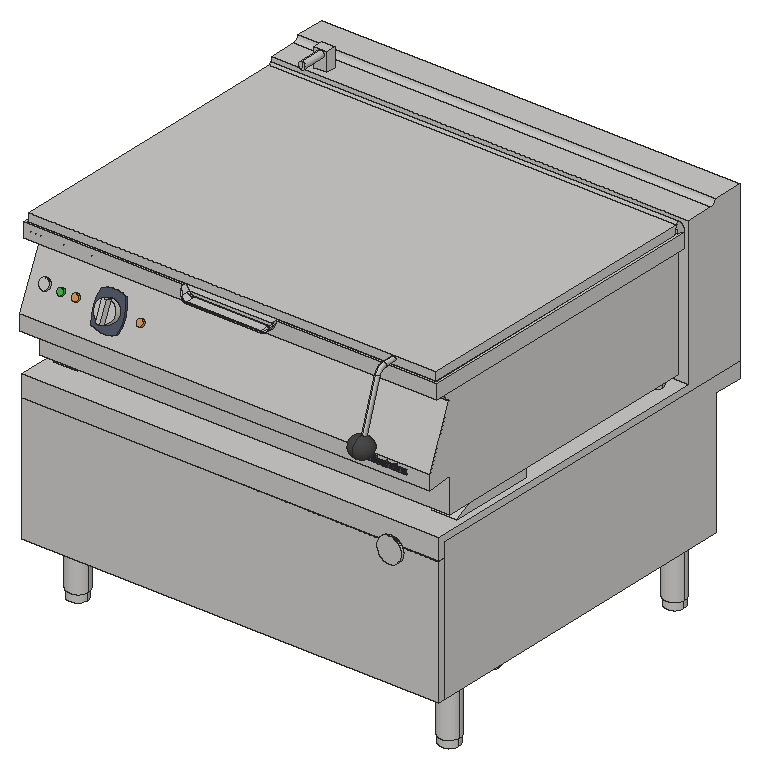
Revit family "QF_ELECTROLUXPROFESSIONAL_391141_E9BRGJDPFM", category Specialty Equipment, Revit 2018
Family settings
  Round Connector Dimension = Use Diameter
  Part Type = Normal
  Work Plane-Based = No
  Always vertical = Yes
  Cut with Voids When Loaded = No
  Shared = No
  Room Calculation Point = No
Parameters
  Width = 1000 mm  # constant formula
  Weight in Pounds = 180  # constant formula
  Watts = 250 VA  # 250 W
  Volts = 230 V  # constant formula
  URL Cutsheet = "www.electrolux.com"
  URL = "www.electrolux.com"
  Type Mark [instance] = ""
  Status [instance] = ""
  Specification by User [instance] = ""
  Specification by Manufacturer = ""
  Show Logo [instance] = yes
  Show Clearance [instance] = yes
  Serial Number = ""
  Seismic Rating = ""
  SMACNA No = ""
  Revision Code [instance] = ""
  Plumbing Remarks [instance] = ""
  Plumbing Connection Type [instance] = ""
  Phase = 1
  Omniclass Number and Title = ""
  Number of Poles [instance] = 1
  NAFEM Spec ID Number = ""
  Model = "391141"
  Min Ckt Ampacity = 0 A
  Mechanical Remarks [instance] = ""
  Mechanical Connection Type [instance] = ""
  Max Overcurrent Protection = 0 A
  Masterspec = ""
  Manufacturer = "ELECTROLUX"
  Item Number [instance] = ""
  Installed By [instance] = ""
  Identify Quantity as Lot [instance] = yes
  Height = 850 mm  # constant formula
  HP = "0.1 HP"
  Gas Size = 12.7 mm  # 1/2"
  Gas RI Height [instance] = 0 mm
  Gas KW = 27  # constant formula
  Gas Input = 26975.1 VA  # 92043.0 Btu/h
  Gas Connection Height [instance] = 0 mm
  Furnished By [instance] = ""
  Foodservice Equipment Identifier [instance] = yes
  FL Amps = if(Phase = 3, Watts / (Volts * 1.73), Watts / Volts)  # 1.08696 A
  Electrical Remarks [instance] = "230 V/1N ph/50/60 Hz"  # constant formula
  Electric Connection Type [instance] = ""
  Elec Conn RI Height [instance] = 0 mm
  Elec Conn Connection Height [instance] = 0 mm
  Direct Waste Size = 0"
  Description = "900XP GAS BRATT PAN – 100 LITER WITH DUOMAT BOTTOM AND AUTOMATIC TILTING"
  Depth = 915 mm  # constant formula
  Cycle [instance] = if([60 Hertz Option], 60 Hz, 50 Hz)  # 60 Hz
  Conn Plug = ""
  Conn Conduit = yes
  Cold Water Temperature Recommended [instance] = -459.67 °F
  Cold Water Size = 3/4"
  Cold Water RI Height [instance] = 0 mm
  Cold Water Minimum Pressure = 0.00 psi
  Cold Water Maximum Pressure = 0.00 psi
  Cold Water Flow [instance] = 0 GPM
  Cold Water Consumption = ""
  Cold Water Connection Height = 0 mm
  CSI MasterFormat = ""
  CSI Master Format = ""
  Assembly Code = ""
  Apparent Power = if(Phase = 3, Volts * FL Amps * 1.73, Volts * FL Amps)  # 250 VA
  60 Hertz Option [instance] = not([50 Hertz Option])  # yes
  50 Hertz Option [instance] = no
Reference planes
  plane 1 "BACK": y = 0
  plane 2: z = 0
  plane 3 "LEFT": x = 0
  plane 4 "RIGHT": x = 1000
  plane 5 "FRONT": y = -915
  plane 6 "TOP": z = 898
  plane 7 "Center Y": x = 500
  plane 8 "Center X": y = -457.5
  plane 9 "Base": z = 149
  plane 10: z = 502.193
  plane 11: z = 1653
  plane 12: y = -125
  plane 13: y = -799
  plane 14: x = 55
  plane 15: y = -160.853
  plane 16: x = 945
  plane 17: y = -1014
  plane 18: y = -899.182
  plane 19: x = 986
  plane 20: z = 850
  plane 21 "Connection": z = 182
  plane 22: y = -706
  plane 23: x = 265
  plane 24: x = 105
  plane 25: x = 195
Forms (mm)
  Revolve 1, solid, material "QF_Finishes_Stainless Steel"
    sketch origin (0, -125, 0) x (1, 0, 0) y (0, 0, 1)
      loop
        line (55, 0) -> (55, 149) -> (29.6, 149) -> (29.6, 19.05) -> (32.1, 19.05) -> (32.1, 0) -> (55, 0)
      axis (55, 0) -> (55, 149)
    angle from 0 to 360
  Revolve 2, solid, material "QF_Finishes_Stainless Steel"
    sketch origin (0, -799, 0) x (1, 0, 0) y (0, 0, 1)
      loop
        line (55, 0) -> (55, 149) -> (29.6, 149) -> (29.6, 19.05) -> (32.1, 19.05) -> (32.1, 0) -> (55, 0)
      axis (55, 0) -> (55, 149)
    angle from 0 to 360
  Extrusion 3, solid, material "QF_Finishes_Stainless Steel"
    sketch origin (0, -214.682, 0) x (0, 1, 0) y (0, 0, 1)
      loop
        line (214.682, 487.193) -> (214.682, 866.248) -> (143.055, 866.248)
        arc (143.055, 866.248) -> (139.432, 857.502) -> (130.686, 853.88) r 12.368
        line (130.686, 853.88) -> (64.682, 853.88) -> (64.682, 502.193) -> (-684.5, 502.193) -> (-684.5, 452.193) -> (-669.5, 452.193) -> (-669.5, 487.193) -> (214.682, 487.193)
      loop
        line (-669.5, 149) -> (-669.5, 451.193) -> (-684.5, 451.193) -> (-684.5, 149) -> (-669.5, 149)
    from 0 to 1000
  Extrusion 4, solid, material "QF_Finishes_Stainless Steel"
    sketch origin (0, -214.682, 0) x (0, 1, 0) y (0, 0, 1)
      loop
        line (44.029, 528.406) -> (44.029, 817.127) -> (-678.5, 817.127) -> (-678.5, 809.681) -> (-643.264, 774.446) -> (-700.318, 641.094) -> (-700.318, 606.094) -> (-640.765, 613.406) -> (-640.765, 528.406) -> (44.029, 528.406)
    from 10 to 990
  Sweep 5, solid, material "QF_Finishes_Stainless Steel"
    path origin (0, -204.882, 145) x (-1, 0, 0) y (0, -1, 0)
      loop
        line (-389.998, 694.3) -> (-5, 694.3) -> (-5, -44.029) -> (-995, -44.029) -> (-995, 694.3) -> (-610.002, 694.3)
    profile origin (802.501, -899.182, 145) x (0, -1, 0) y (0, 0, 1)
      loop
        line (-5, 651.359) -> (0, 651.359) -> (0, 685.301) -> (-6, 685.301) -> (-6, 681.062) -> (-5, 681.062) -> (-5, 651.359)
  Extrusion 6, solid, material "QF_Finishes_Stainless Steel"
    sketch origin (0, -214.682, -5) x (0, 1, 0) y (0, 0, 1)
      loop
        line (33.715, 835.301) -> (42.572, 855) -> (-677.138, 855) -> (-677.138, 835.301) -> (33.715, 835.301)
      loop
        arc (64.305, 837.022) -> (57.071, 850.749) -> (45.92, 861.539) r 49.182
        line (45.92, 861.539) -> (39.069, 846.301) -> (45.904, 846.301) -> (45.904, 832.604) -> (64.305, 814.204) -> (64.305, 837.022)
    from 12.363 to 987.637
  Extrusion 7, solid, material "QF_Finishes_Stainless Steel"
    sketch origin (0, -214.682, 0) x (0, 1, 0) y (0, 0, 1)
      loop
        line (-403.818, 528.406) -> (-556.057, 528.406) -> (-609.801, 502.193) -> (-403.818, 502.193) -> (-403.818, 528.406)
    from 16.63 to 76.513
  Extrusion 8, solid, material "QF_Finishes_Stainless Steel"
    sketch origin (0, -207.182, 150) x (-1, 0, 0) y (0, -1, 0)
      loop
        circle (-953.429, -17.496) r 15
      loop
        circle (-46.571, -17.496) r 15
    from 352.193 to 378.406
  Extrusion 9, solid, material "QF_Finishes_Stainless Steel"
    sketch origin (0, -64.682, 0) x (0, 1, 0) y (0, 0, 1)
      loop
        line (-43.387, 853.88) -> (-43.387, 898) -> (-67.444, 898) -> (-67.444, 853.88) -> (-43.387, 853.88)
    from 87.469 to 116.843
  Revolve 10, solid, material "QF_Finishes_Stainless Steel"
    sketch origin (103.25, -64.682, 0) x (0, 1, 0) y (0, 0, 1)
      loop
        line (-67.444, 888.097) -> (-67.444, 896.222) -> (-123.629, 896.222) -> (-123.629, 888.097) -> (-67.444, 888.097)
      axis (-123.629, 888.097) -> (-67.444, 888.097)
    angle from 0 to 360
  Extrusion 11, solid, material "QF_Clearances", visible <- "Show Clearance", detail levels coarse
    sketch origin (0, -214.682, 0) x (1, 0, 0) y (0, 1, 0)
      loop
        line (1000, 214.682) -> (1000, -700.318) -> (1050, -700.318) -> (1050, 264.682) -> (-50, 264.682) -> (-50, -700.318) -> (0, -700.318) -> (0, 214.682) -> (1000, 214.682)
    from 0 to 898
  Extrusion 12, solid, material "QF_Finishes_Stainless Steel"
    sketch origin (1000, 0, 0) x (0, 1, 0) y (0, 0, 1)
      loop
        line (-884.182, 149) -> (-69, 149) -> (-69, 448) -> (0, 448) -> (0, 487.193) -> (-884.182, 487.193) -> (-884.182, 149)
    from 0 to -1000
  Revolve 13, solid, material "QF_Finishes_Stainless Steel"
    sketch origin (1000, -125, 0) x (-1, 0, 0) y (0, 0, -1)
      loop
        line (55, 0) -> (32.1, 0) -> (32.1, -19.05) -> (29.6, -19.05) -> (29.6, -149) -> (55, -149) -> (55, 0)
      axis (55, 0) -> (55, -149)
    angle from 0 to 360
  Revolve 14, solid, material "QF_Finishes_Stainless Steel"
    sketch origin (1000, -799, 0) x (-1, 0, 0) y (0, 0, -1)
      loop
        line (55, 0) -> (32.1, 0) -> (32.1, -19.05) -> (29.6, -19.05) -> (29.6, -149) -> (55, -149) -> (55, 0)
      axis (55, 0) -> (55, -149)
    angle from 0 to 360
  Extrusion 15, solid, material "QF_Finishes_Stainless Steel"
    sketch origin (1000, -69, 149) x (-1, 0, 0) y (0, 1, 0)
      loop
        circle (14, -649.182) r 12.7
    from 0 to 5
  Extrusion 16, solid, material "QF_Finishes_Stainless Steel"
    sketch origin (-3.75, -899.182, 149) x (0, 0, 1) y (-1, 0, 0)
      loop
        circle (289.443, -888.75) r 30
    from 0 to 5
  Extrusion 17, solid, material "QF_Finishes_Stainless Steel"
    sketch origin (0, 0, 182) x (-1, 0, 0) y (0, -1, 0)
      loop
        circle (-105, 706) r 6.35
    from 0 to 45
  Extrusion 18, solid, material "QF_Finishes_Stainless Steel"
    sketch origin (21.213, 21.213, 182) x (-1, 0, 0) y (0, -1, 0)
      loop
        circle (-173.787, 719.213) r 6.35
    from 0 to 45
  Extrusion 19, solid, material "QF_Finishes_Stainless Steel"
    sketch origin (130, 0, 182) x (-1, 0, 0) y (0, -1, 0)
      loop
        circle (-135, 706) r 6.35
    from 0 to 45
  Extrusion 20, solid, material "QF_Finishes_Orange"
    sketch origin (9.372, -901.482, 672.689) x (0, 0.393353, 0.919387) y (-1, 0, 0)
      loop
        circle (34.513, -113.251) r 8
    from 0 to 3.175
  Extrusion 21, solid, material "QF_Finishes_Green"
    sketch origin (14.068, -901.51, 672.624) x (0, 0.393353, 0.919387) y (-1, 0, 0)
      loop
        circle (34.513, -73.251) r 8
    from 0 to 3.175
  Extrusion 22, solid, material "QF_Finishes_Stainless Steel"
    sketch origin (-159.296, -918.156, 641.79) x (0, 0.393353, 0.919387) y (-1, 0, 0)
      loop
        circle (68.826, -362.213) r 25.4
    from 0 to 12.7
  Extrusion 23, solid, material "QF_Finishes_Stainless Steel"
    sketch origin (-159.296, -929.832, 646.786) x (0, 0.393353, 0.919387) y (-1, 0, 0)
      loop
        arc (93.558, -367.999) -> (94.226, -362.213) -> (93.558, -356.427) r 25.4
        line (93.558, -356.427) -> (44.094, -356.427)
        arc (44.094, -356.427) -> (43.426, -362.213) -> (44.094, -367.999) r 25.4
        line (44.094, -367.999) -> (93.558, -367.999)
    from 0 to 12.7
  Extrusion 24, solid, material "QF_Finishes_Stainless Steel"
    sketch origin (-189.063, -915, 641.094) x (0, 0.393353, 0.919387) y (-1, 0, 0)
      loop
        circle (71.473, -236.635) r 12.7
    from 0 to 3.2
  Extrusion 25, solid, material "QF_Finishes_Orange"
    sketch origin (164.372, -901.482, 672.689) x (0, 0.393353, 0.919387) y (-1, 0, 0)
      loop
        circle (34.513, -113.251) r 8
    from 0 to 3.175
  Extrusion 26, solid, material "QF_Finishes_Stainless Steel"
    sketch origin (50, -201.682, -15.905) x (1, 0, 0) y (0, 0, 1)
      loop
        line (361.528, 822.127) -> (538.476, 822.127)
        arc (538.476, 822.127) -> (548.276, 824.753) -> (555.45, 831.927) r 19.6
        line (555.45, 831.927) -> (559.998, 839.805) -> (559.998, 846.205) -> (552.678, 833.527)
        arc (552.678, 833.527) -> (546.676, 827.524) -> (538.476, 825.327) r 16.4
        line (538.476, 825.327) -> (361.528, 825.327)
        arc (361.528, 825.327) -> (353.322, 827.526) -> (347.314, 833.534) r 16.413
        line (347.314, 833.534) -> (339.998, 846.205) -> (339.998, 839.805) -> (344.543, 831.934)
        arc (344.543, 831.934) -> (351.722, 824.755) -> (361.528, 822.127) r 19.613
    from 697.5 to 717.595
  Extrusion 27, void
    sketch origin (950, 188.397, 1219.2) x (0, -1, 0) y (0, 0, 1)
      loop
        line (1110.167, -415.736) -> (1110.167, -387.945) -> (1093.05, -387.945) -> (1110.167, -415.736)
    from 290.004 to 610
  Extrusion 28, solid, material "QF_Finishes_Stainless Steel"
    sketch origin (1000, -214.682, 0) x (0, 1, 0) y (0, 0, -1)
      loop
        line (-403.818, -528.406) -> (-403.818, -502.193) -> (-609.801, -502.193) -> (-556.057, -528.406) -> (-403.818, -528.406)
    from 16.63 to 76.513
  Sweep 29, solid, material "QF_Finishes_Stainless Steel"
    path origin (208.879, -214.682, -10) x (0, 1, 0) y (0, 0, 1)
      loop
        line (-677.138, 852.831) -> (-705.492, 852.831)
        arc (-705.492, 852.831) -> (-716.963, 849.214) -> (-724.286, 839.672) r 20
        line (-724.286, 839.672) -> (-765.322, 726.924)
    profile origin (208.879, -905.997, 842.831) x (0, 0, -1) y (1, 0, 0)
      loop
        circle (0, 676.16) r 5
  Revolve 30, solid, material "QF_Finishes_Black"
    sketch origin (884.991, -194.682, 0) x (0, 1, 0) y (0, 0, 1)
      loop
        line (-785.322, 716.924) -> (-792.738, 719.623)
        arc (-792.738, 719.623) -> (-818.978, 701.075) -> (-800.713, 674.638) r 22.845
        line (-800.713, 674.638) -> (-785.322, 716.924)
      axis (-785.322, 716.924) -> (-800.713, 674.638)
    angle from 0 to 360
  Extrusion 31, solid, material "QF_Clearances", visible <- "Show Clearance", detail levels coarse
    sketch origin (200, -996.643, 709.193) x (0, 0.238373, -0.971174) y (0, 0.971174, 0.238373)
      loop
        line (33.715, 835.301) -> (42.572, 855) -> (-677.138, 855) -> (-677.138, 835.301) -> (33.715, 835.301)
      loop
        arc (64.305, 837.022) -> (57.071, 850.749) -> (45.92, 861.539) r 49.182
        line (45.92, 861.539) -> (39.069, 846.301) -> (45.904, 846.301) -> (45.904, 832.604) -> (64.305, 814.204) -> (64.305, 837.022)
    from -187.637 to 787.637
  Sweep 32, solid, material "QF_Clearances", visible <- "Show Clearance", detail levels coarse
    path origin (208.84, -1001.499, 708.002) x (0, 0.238373, -0.971174) y (0, 0.971174, 0.238373)
      loop
        line (-677.138, 852.831) -> (-705.492, 852.831)
        arc (-705.492, 852.831) -> (-716.963, 849.214) -> (-724.286, 839.672) r 20
        line (-724.286, 839.672) -> (-765.322, 726.924)
    profile origin (208.84, -338.043, 1582.68) x (0, -0.971174, -0.238373) y (1, 0, 0)
      loop
        circle (0, 676.16) r 5
  Revolve 33, solid, material "QF_Clearances", visible <- "Show Clearance", detail levels coarse
    sketch origin (885, -987.02, 690.962) x (0, 0.238373, -0.971174) y (0, 0.971174, 0.238373)
      loop
        line (-785.322, 716.924) -> (-792.738, 719.623)
        arc (-792.738, 719.623) -> (-818.978, 701.075) -> (-800.713, 674.638) r 22.845
        line (-800.713, 674.638) -> (-785.322, 716.924)
      axis (-785.322, 716.924) -> (-800.713, 674.638)
    angle from 0 to 360
  Extrusion 34, solid, material "QF_Finishes_Navy Blue"
    sketch origin (-55.546, -1052.067, 320.727) x (0, 0.393353, 0.919387) y (-1, 0, 0)
      loop
        arc (453.989, -230.321) -> (416.907, -221.34) -> (379.375, -228.202) r 91.844
        arc (379.375, -228.202) -> (372.249, -258.844) -> (379.375, -289.487) r 69.441
        arc (379.375, -289.487) -> (416.897, -296.198) -> (453.989, -287.419) r 93.759
        arc (453.989, -287.419) -> (460.218, -258.87) -> (453.989, -230.321) r 68.543
    from 0 to 3.175
  Extrusion 35, solid, material "QF_Finishes_Navy Blue", visible <- "Show Logo"
    sketch origin (681.175, -915, 608.853) x (0, 0, 1) y (-1, 0, 0)
      loop
        line (27.359, -159.055) -> (14.993, -159.055)
        arc (14.993, -159.055) -> (21.176, -163.626) -> (27.359, -159.055) r 6.467
      loop
        arc (27.359, -158.426) -> (26.19, -153.283) -> (21.534, -150.805) r 6.338
        line (21.534, -150.805) -> (21.534, -152.851)
        arc (21.534, -152.851) -> (23.018, -156.506) -> (26.464, -158.426) r 5.941
        line (26.464, -158.426) -> (27.359, -158.426)
      loop
        arc (15.888, -158.426) -> (19.334, -156.506) -> (20.817, -152.851) r 5.941
        line (20.817, -152.851) -> (20.817, -150.805)
        arc (20.817, -150.805) -> (16.123, -153.279) -> (14.834, -158.426) r 6.504
        line (14.834, -158.426) -> (15.888, -158.426)
      loop
        line (28.034, -150.336) -> (14.29, -150.336) -> (14.29, -164.099) -> (28.034, -164.099) -> (28.034, -150.336)
      loop
        arc (28.118, -167.066) -> (27.77, -166.709) -> (27.403, -167.047) r 0.358
        arc (27.403, -167.047) -> (27.089, -167.797) -> (26.372, -168.182) r 1.216
        line (26.372, -168.182) -> (15.959, -168.182)
        arc (15.959, -168.182) -> (15.299, -167.904) -> (14.903, -167.308) r 1.238
        arc (14.903, -167.308) -> (14.509, -167.057) -> (14.203, -167.411) r 0.358
        line (14.203, -167.411) -> (14.203, -177.29) -> (16.954, -177.29) -> (16.954, -176.393)
        arc (16.954, -176.393) -> (16.045, -175.813) -> (15.589, -174.836) r 1.928
        line (15.589, -174.836) -> (15.589, -172.337)
        arc (15.589, -172.337) -> (15.865, -171.608) -> (16.553, -171.244) r 1.101
        line (16.553, -171.244) -> (20.64, -171.244) -> (20.64, -174.917)
        arc (20.64, -174.917) -> (20.287, -175.414) -> (19.722, -175.642) r 1.083
        arc (19.722, -175.642) -> (19.459, -175.948) -> (19.751, -176.226) r 0.292
        line (19.751, -176.226) -> (22.713, -176.226)
        arc (22.713, -176.226) -> (23.016, -175.953) -> (22.777, -175.623) r 0.305
        arc (22.777, -175.623) -> (22.286, -175.375) -> (21.981, -174.917) r 1.083
        line (21.981, -174.917) -> (21.981, -171.244) -> (26.659, -171.244) -> (26.659, -174.991)
        arc (26.659, -174.991) -> (26.444, -175.747) -> (25.838, -176.245) r 1.314
        arc (25.838, -176.245) -> (25.619, -176.649) -> (25.973, -176.941) r 0.361
        line (25.973, -176.941) -> (28.118, -176.941) -> (28.118, -167.066)
      loop
        arc (27.4, -177.722) -> (27.02, -178.641) -> (26.101, -179.021) r 1.299
        line (26.101, -179.021) -> (16.522, -179.021)
        arc (16.522, -179.021) -> (15.684, -178.643) -> (15.413, -177.765) r 1.118
        line (15.413, -177.765) -> (14.203, -177.765) -> (14.203, -183.115) -> (15.391, -183.115)
        arc (15.391, -183.115) -> (15.663, -182.198) -> (16.533, -181.802) r 1.153
        line (16.533, -181.802) -> (28.605, -181.802) -> (27.4, -177.722)
      loop
        line (19.168, -185.751) -> (19.168, -192.198) -> (19.967, -192.198)
        arc (19.967, -192.198) -> (22.547, -191.214) -> (23.816, -188.76) r 3.874
        line (23.816, -188.76) -> (23.816, -187)
        arc (23.816, -187) -> (22.629, -184.135) -> (19.765, -182.949) r 4.051
        line (19.765, -182.949) -> (17.757, -182.949)
        arc (17.757, -182.949) -> (14.938, -184.434) -> (13.887, -187.441) r 4.352
        arc (13.887, -187.441) -> (14.251, -189.904) -> (15.629, -191.978) r 5.713
        line (15.629, -191.978) -> (16.578, -191.978)
        arc (16.578, -191.978) -> (15.845, -190.409) -> (15.629, -188.691) r 5.579
        arc (15.629, -188.691) -> (16.422, -186.728) -> (18.301, -185.751) r 3.057
        line (18.301, -185.751) -> (19.168, -185.751)
      loop
        line (20.427, -185.751) -> (20.427, -189.333)
        arc (20.427, -189.333) -> (21.884, -189.38) -> (22.767, -188.221) r 1.59
        line (22.767, -188.221) -> (22.767, -187.391)
        arc (22.767, -187.391) -> (21.902, -186.136) -> (20.427, -185.751) r 2.184
      loop
        arc (23.218, -201.616) -> (23.707, -199.942) -> (23.864, -198.205) r 9.023
        line (23.864, -198.205) -> (23.864, -196.843)
        arc (23.864, -196.843) -> (22.705, -194.043) -> (19.905, -192.883) r 3.959
        line (19.905, -192.883) -> (17.305, -192.883)
        arc (17.305, -192.883) -> (15.023, -194.176) -> (13.906, -196.549) r 4.331
        line (13.906, -196.549) -> (13.906, -198.684)
        arc (13.906, -198.684) -> (14.414, -200.234) -> (15.336, -201.58) r 5.772
        arc (15.336, -201.58) -> (16.098, -201.631) -> (16.184, -200.872) r 0.553
        arc (16.184, -200.872) -> (15.796, -200.138) -> (15.662, -199.319) r 2.573
        line (15.662, -199.319) -> (15.662, -197.804)
        arc (15.662, -197.804) -> (16.668, -196.162) -> (18.483, -195.52) r 2.884
        line (18.483, -195.52) -> (19.762, -195.52)
        arc (19.762, -195.52) -> (21.583, -196.08) -> (22.509, -197.745) r 2.554
        line (22.509, -197.745) -> (22.509, -198.798)
        arc (22.509, -198.798) -> (22.178, -199.726) -> (21.521, -200.461) r 2.564
        arc (21.521, -200.461) -> (21.299, -201.178) -> (21.909, -201.616) r 0.643
        line (21.909, -201.616) -> (23.218, -201.616)
      loop
        line (22.2, -201.886) -> (22.2, -203.387) -> (16.152, -203.387)
        arc (16.152, -203.387) -> (14.564, -204.045) -> (13.906, -205.633) r 2.246
        line (13.906, -205.633) -> (13.906, -207.217)
        arc (13.906, -207.217) -> (14.22, -208.081) -> (14.72, -208.853) r 4.06
        arc (14.72, -208.853) -> (15.453, -208.986) -> (15.704, -208.285) r 0.576
        arc (15.704, -208.285) -> (15.598, -207.759) -> (15.662, -207.227) r 1.69
        arc (15.662, -207.227) -> (16.204, -206.439) -> (17.11, -206.136) r 1.506
        line (17.11, -206.136) -> (22.248, -206.136) -> (22.248, -208.533) -> (22.805, -209.089) -> (23.626, -209.089) -> (23.626, -206.23) -> (26.857, -206.23) -> (22.2, -201.886)
      loop
        line (14.124, -209.987) -> (14.124, -215.374) -> (15.234, -215.374)
        arc (15.234, -215.374) -> (15.627, -214.423) -> (16.578, -214.029) r 1.345
        line (16.578, -214.029) -> (20.195, -214.029)
        arc (20.195, -214.029) -> (20.959, -214.621) -> (21.249, -215.543) r 1.615
        line (21.249, -215.543) -> (21.249, -217.099) -> (23.805, -217.784) -> (23.805, -216.401) -> (21.862, -213.842) -> (23.742, -213.842) -> (23.458, -211.136)
        arc (23.458, -211.136) -> (23.018, -210.606) -> (22.359, -210.807) r 0.621
        arc (22.359, -210.807) -> (21.959, -211.149) -> (21.465, -211.332) r 1.501
        line (21.465, -211.332) -> (16.578, -211.332)
        arc (16.578, -211.332) -> (15.627, -210.938) -> (15.234, -209.987) r 1.345
        line (15.234, -209.987) -> (14.124, -209.987)
      loop
        line (20.225, -217.321) -> (17.533, -217.321)
        arc (17.533, -217.321) -> (15.088, -218.629) -> (13.954, -221.159) r 4.288
        arc (13.954, -221.159) -> (13.89, -222.54) -> (13.954, -223.92) r 15.022
        arc (13.954, -223.92) -> (15.088, -226.451) -> (17.533, -227.758) r 4.288
        line (17.533, -227.758) -> (20.225, -227.758)
        arc (20.225, -227.758) -> (22.671, -226.451) -> (23.805, -223.92) r 4.288
        arc (23.805, -223.92) -> (23.868, -222.54) -> (23.805, -221.159) r 15.022
        arc (23.805, -221.159) -> (22.671, -218.629) -> (20.225, -217.321) r 4.288
      loop
        line (20.43, -220.435) -> (17.328, -220.435)
        arc (17.328, -220.435) -> (15.171, -222.592) -> (17.328, -224.749) r 2.157
        line (17.328, -224.749) -> (20.43, -224.749)
        arc (20.43, -224.749) -> (22.587, -222.592) -> (20.43, -220.435) r 2.157
      loop
        arc (27.411, -227.616) -> (27.041, -228.51) -> (26.147, -228.881) r 1.264
        line (26.147, -228.881) -> (16.282, -228.881)
        arc (16.282, -228.881) -> (15.412, -228.484) -> (15.141, -227.568) r 1.153
        line (15.141, -227.568) -> (14.203, -227.568) -> (14.203, -232.676) -> (15.131, -232.676)
        arc (15.131, -232.676) -> (15.49, -231.904) -> (16.282, -231.589) r 1.153
        line (16.282, -231.589) -> (28.605, -231.589) -> (27.411, -227.616)
      loop
        arc (22.531, -232.213) -> (22.332, -233.278) -> (21.363, -233.76) r 1.215
        line (21.363, -233.76) -> (16.343, -233.76)
        arc (16.343, -233.76) -> (14.728, -234.407) -> (14.008, -235.99) r 2.338
        line (14.008, -235.99) -> (14.008, -237.505)
        arc (14.008, -237.505) -> (14.182, -238.509) -> (14.684, -239.395) r 2.979
        line (14.684, -239.395) -> (14.203, -241.192) -> (14.203, -242.88) -> (23.629, -242.88) -> (23.335, -238.677) -> (22.548, -238.677)
        arc (22.548, -238.677) -> (22.192, -239.513) -> (21.44, -240.022) r 1.605
        line (21.44, -240.022) -> (16.337, -240.022)
        arc (16.337, -240.022) -> (15.917, -239.085) -> (15.844, -238.061) r 2.94
        arc (15.844, -238.061) -> (16.405, -236.96) -> (17.558, -236.517) r 1.724
        line (17.558, -236.517) -> (23.755, -236.517) -> (22.531, -232.213)
      loop
        line (23.559, -243.734) -> (21.887, -245.78) -> (18.713, -248.086) -> (15.257, -244.974)
        arc (15.257, -244.974) -> (15.02, -244.58) -> (15.042, -244.121) r 0.789
        line (15.042, -244.121) -> (14.203, -244.121) -> (14.203, -247.666) -> (15.029, -247.666)
        arc (15.029, -247.666) -> (15.372, -247.304) -> (15.862, -247.396) r 0.52
        line (15.862, -247.396) -> (17.661, -248.867) -> (15.543, -250.242)
        arc (15.543, -250.242) -> (15.142, -249.932) -> (15.055, -249.433) r 0.7
        line (15.055, -249.433) -> (14.203, -249.433) -> (14.203, -255.36) -> (15.09, -255.36)
        arc (15.09, -255.36) -> (15.157, -254.701) -> (15.552, -254.17) r 1.247
        line (15.552, -254.17) -> (19.751, -250.889) -> (22.198, -252.942) -> (23.559, -254.684) -> (23.559, -250.96) -> (22.074, -251.383) -> (20.553, -250.106) -> (22.253, -248.916) -> (23.559, -249.692) -> (23.559, -243.734)
    from 0 to 1.644
  Extrusion 36, solid, material "QF_Finishes_Stainless Steel"
    sketch origin (390.002, -899.182, 830.301) x (-1, 0, 0) y (0, 0, -1)
      loop
        line (0.004, 33.941) -> (-220, 33.941) -> (-220, -0.006) -> (-212.677, 12.678)
        arc (-212.677, 12.678) -> (-206.674, 18.681) -> (-198.474, 20.878) r 16.4
        line (-198.474, 20.878) -> (-21.526, 20.878)
        arc (-21.526, 20.878) -> (-13.32, 18.679) -> (-7.312, 12.672) r 16.413
        line (-7.312, 12.672) -> (0.004, 0) -> (0.004, 33.941)
    from 0 to -6
Cuts and joins
  Extrusion 27 cuts Extrusion 26
  joined: Sweep 5, Extrusion 26, Extrusion 36
Lines and regions (mm)
  symbolic lines
    curve 1: line (10, -915, 149) -> (197.131, -915, 149)
    curve 2: line (0, -899.182, 149) -> (380.622, -899.182, 149)
    curve 3: line (5, -160.853, 149) -> (5, -899.182, 149)
    curve 4: line (0, 0, 149) -> (0, -899.182, 149)
    curve 5: line (1000, -899.182, 149) -> (1000, 0, 149)
    curve 6: line (5, -160.853, 149) -> (95.125, -160.853, 149)
    curve 7: line (989, -171.653, 149) -> (111.375, -171.653, 149)
    curve 8: line (0, -71.628, 149) -> (1000, -71.628, 149)
    curve 9: line (111.375, -160.853, 149) -> (995, -160.853, 149)
    curve 10: line (95.125, -172.111, 149) -> (12.363, -172.111, 149)
    curve 11: line (90.942, -172.111, 149) -> (90.942, -192.672, 149)
    curve 12: line (117.192, -171.653, 149) -> (117.192, -192.672, 149)
    curve 13: arc (90.942, -192.672, 149) -> (104.067, -205.797, 149) -> (117.192, -192.672, 149) r 13.125
    curve 14: line (604.543, -915, 149) -> (880, -915, 149)
    curve 15: line (12.363, -891.82, 149) -> (987.637, -891.82, 149)
    curve 16: line (0, 0, 149) -> (1000, 0, 149)
    curve 20: line (880, -980.005, 149) -> (880, -891.82, 149)
    curve 21: line (890, -980.005, 149) -> (890, -891.82, 149)
    curve 22: spline (885, -987.42, 149) -> (886.603, -987.265, 149) -> (888.14, -986.808, 149) -> (889.545, -986.066, 149) -> (890.761, -985.072, 149) -> (891.737, -983.866, 149) -> (892.431, -982.499, 149) -> (892.815, -981.028, 149) -> (892.874, -979.515, 149) -> (892.604, -978.022, 149) -> (892.016, -976.611, 149) -> (891.136, -975.342, 149) -> (890, -974.268, 149)
    curve 23: spline (890, -980.005, 149) -> (889.957, -980.618, 149) -> (889.83, -981.221, 149) -> (889.619, -981.803, 149) -> (889.33, -982.354, 149) -> (888.967, -982.865, 149) -> (888.536, -983.327, 149) -> (888.044, -983.732, 149) -> (887.5, -984.074, 149) -> (886.913, -984.345, 149) -> (886.294, -984.543, 149) -> (885.653, -984.663, 149) -> (885, -984.703, 149)
    curve 24: spline (885, -984.703, 149) -> (884.347, -984.663, 149) -> (883.706, -984.543, 149) -> (883.087, -984.345, 149) -> (882.5, -984.074, 149) -> (881.956, -983.732, 149) -> (881.464, -983.327, 149) -> (881.033, -982.865, 149) -> (880.67, -982.354, 149) -> (880.381, -981.803, 149) -> (880.17, -981.221, 149) -> (880.043, -980.618, 149) -> (880, -980.005, 149)
    curve 25: spline (880, -974.268, 149) -> (878.864, -975.342, 149) -> (877.984, -976.611, 149) -> (877.396, -978.022, 149) -> (877.126, -979.515, 149) -> (877.185, -981.028, 149) -> (877.569, -982.499, 149) -> (878.263, -983.866, 149) -> (879.239, -985.072, 149) -> (880.455, -986.066, 149) -> (881.86, -986.808, 149) -> (883.397, -987.265, 149) -> (885, -987.42, 149)
    curve 26: line (95.125, -188.311, 149) -> (111.375, -188.311, 149)
    curve 27: line (95.125, -132.127, 149) -> (95.125, -188.311, 149)
    curve 28: line (111.375, -188.311, 149) -> (111.375, -132.127, 149)
    curve 29: line (87.469, -132.127, 149) -> (116.843, -132.127, 149)
    curve 30: line (87.469, -108.069, 149) -> (87.469, -132.127, 149)
    curve 31: line (116.843, -108.069, 149) -> (87.469, -108.069, 149)
    curve 32: line (116.843, -132.127, 149) -> (116.843, -108.069, 149)
    curve 33: line (0, -150, 182) -> (95.125, -150, 182)
    curve 34: line (1000, -150, 182) -> (111.375, -150, 182)
    curve 35: line (12.363, -891.82, 149) -> (12.363, -172.111, 149)
    curve 36: line (987.637, -891.82, 149) -> (987.637, -171.653, 149)
    curve 37: line (990, -915, 182) -> (990, -899.182, 182)
    curve 38: line (10, -899.182, 182) -> (10, -915, 182)
    curve 39: line (995, -160.853, 149) -> (995, -899.182, 149)
    curve 40: line (197.131, -924.708, 149) -> (197.131, -899.182, 149)
    curve 41: line (208.703, -924.708, 149) -> (208.703, -899.182, 149)
    curve 42: line (197.131, -924.708, 149) -> (208.703, -924.708, 149)
    curve 43: line (197.131, -915.021, 149) -> (180.061, -915.021, 149)
    curve 44: line (197.131, -915.021, 149) -> (25.774, -915.021, 149)
    curve 45: spline (208.703, -912.487, 182) -> (212.151, -912.066, 182) -> (215.413, -911.457, 182) -> (218.422, -910.673, 182) -> (221.118, -909.728, 182) -> (223.446, -908.643, 182) -> (225.359, -907.438, 182) -> (226.819, -906.14, 182) -> (227.796, -904.772, 182) -> (228.27, -903.365, 182) -> (228.233, -901.945, 182) -> (227.683, -900.541, 182) -> (226.634, -899.182, 182)
    curve 46: spline (225.812, -907.085, 182) -> (226.505, -906.99, 182) -> (227.196, -906.892, 182) -> (227.884, -906.792, 182) -> (228.569, -906.688, 182) -> (229.251, -906.581, 182) -> (229.93, -906.472, 182) -> (230.606, -906.36, 182) -> (231.28, -906.245, 182) -> (231.95, -906.127, 182) -> (232.617, -906.007, 182) -> (233.28, -905.884, 182) -> (233.941, -905.758, 182)
    curve 47: spline (233.941, -905.758, 182) -> (234.472, -905.225, 182) -> (234.983, -904.689, 182) -> (235.472, -904.15, 182) -> (235.94, -903.608, 182) -> (236.386, -903.063, 182) -> (236.811, -902.515, 182) -> (237.215, -901.965, 182) -> (237.596, -901.413, 182) -> (237.956, -900.858, 182) -> (238.294, -900.302, 182) -> (238.609, -899.743, 182) -> (238.903, -899.182, 182)
    curve 48: spline (197.131, -912.487, 182) -> (193.683, -912.066, 182) -> (190.421, -911.457, 182) -> (187.412, -910.673, 182) -> (184.717, -909.728, 182) -> (182.389, -908.643, 182) -> (180.475, -907.438, 182) -> (179.015, -906.14, 182) -> (178.038, -904.772, 182) -> (177.564, -903.365, 182) -> (177.602, -901.945, 182) -> (178.151, -900.541, 182) -> (179.201, -899.182, 182)
    curve 49: spline (167.58, -899.182, 182) -> (167.88, -899.743, 182) -> (168.203, -900.303, 182) -> (168.549, -900.86, 182) -> (168.917, -901.415, 182) -> (169.307, -901.967, 182) -> (169.72, -902.517, 182) -> (170.154, -903.065, 182) -> (170.611, -903.61, 182) -> (171.09, -904.151, 182) -> (171.59, -904.69, 182) -> (172.112, -905.225, 182) -> (172.656, -905.758, 182)
    curve 50: spline (172.656, -905.758, 182) -> (173.244, -905.87, 182) -> (173.834, -905.98, 182) -> (174.427, -906.088, 182) -> (175.022, -906.194, 182) -> (175.62, -906.297, 182) -> (176.22, -906.398, 182) -> (176.823, -906.498, 182) -> (177.428, -906.594, 182) -> (178.036, -906.689, 182) -> (178.645, -906.781, 182) -> (179.257, -906.871, 182) -> (179.871, -906.959, 182)
    curve 51: line (208.703, -915, 149) -> (395.45, -915, 149)
    curve 52: line (619.371, -899.182, 149) -> (880, -899.182, 149)
    curve 53: line (890, -899.182, 149) -> (1000, -899.182, 149)
    curve 54: line (890, -915, 149) -> (990, -915, 149)
    curve 55: arc (880, -961.394, 182) -> (884.914, -1014.03, 182) -> (890, -961.41, 182) r 26.552
    curve 56: line (619.371, -899.182, 182) -> (605.448, -914.035, 182)
    curve 57: spline (605.442, -914.033, 182) -> (604.902, -914.595, 182) -> (604.301, -915.14, 182) -> (603.641, -915.666, 182) -> (602.924, -916.17, 182) -> (602.153, -916.653, 182) -> (601.331, -917.111, 182) -> (600.459, -917.544, 182) -> (599.542, -917.95, 182) -> (598.582, -918.327, 182) -> (597.581, -918.675, 182) -> (596.544, -918.992, 182) -> (595.475, -919.277, 182)
    curve 58: line (404.523, -919.277, 182) -> (595.475, -919.277, 182)
    curve 59: line (394.541, -914.031, 182) -> (380.622, -899.182, 182)
    curve 60: spline (404.523, -919.277, 182) -> (403.452, -918.992, 182) -> (402.414, -918.675, 182) -> (401.413, -918.327, 182) -> (400.452, -917.949, 182) -> (399.534, -917.543, 182) -> (398.662, -917.11, 182) -> (397.838, -916.651, 182) -> (397.067, -916.168, 182) -> (396.35, -915.663, 182) -> (395.689, -915.137, 182) -> (395.087, -914.592, 182) -> (394.547, -914.029, 182)
  symbolic lines, style "QF_Clearances", visible <- "Show Clearance", detail levels coarse
    curve 17: line (-50, 50, 150) -> (-50, -918.182, 150)
    curve 18: line (1050, 50, 150) -> (1050, -915, 150)
    curve 19: line (1050, 50, 150) -> (-50, 50, 150)
Dimensions and locks
  equal spacing: plane 3 "LEFT", plane 7 "Center Y", plane 4 "RIGHT"
  "Width": plane 3 "LEFT" to plane 4 "RIGHT"
  equal spacing: plane 5 "FRONT", plane 8 "Center X", plane 1 "BACK"
  "Depth": plane 5 "FRONT" to plane 1 "BACK"
  "Height": plane 20 to level
  plane 9 "Base" to level = 149 mm
  plane 11 to level = 1653 mm
  plane 11 to plane 2 = 1653 mm
  plane 9 "Base" to plane 2 = 149 mm
  plane 13 to plane 12 = 674 mm
  plane 5 "FRONT" to plane 1 "BACK" = 915 mm
  plane 6 "TOP" to plane 2 = 898 mm
  plane 4 "RIGHT" to plane 16 to plane 14 to plane 3 "LEFT" = 55 mm, 890 mm, 55 mm
  plane 1 "BACK" to plane 17 = 1014 mm
  Extrusion 12 to plane 1 "BACK" = 69 mm
  Extrusion 6 to plane 9 "Base" = 701 mm
  plane 2 to Extrusion 12 = 448 mm
  Extrusion 3 to plane 13 = 100.182 mm
  plane 12 to Extrusion 12 = 56 mm
  plane 4 "RIGHT" to plane 19 = 14 mm
  plane 20 to plane 9 "Base" to level = 701 mm, 149 mm
  plane 1 "BACK" to Extrusion 12 = 69 mm
  Extrusion 12 to plane 12 = 56 mm
  plane 12 to plane 13 = 674 mm
  plane 13 to Extrusion 3 = 100.182 mm
  Extrusion 12 to level = 448 mm
  plane 6 "TOP" to level = 898 mm
  plane 21 "Connection" to level = 182 mm
  plane 1 "BACK" to plane 22 = 706 mm
  plane 3 "LEFT" to Extrusion 17 sketch curve = 105 mm
  Extrusion 18 sketch curve to plane 1 "BACK" = 698 mm
  plane 3 "LEFT" to Extrusion 18 sketch curve = 195 mm
  Extrusion 18 to plane 1 "BACK" = 698 mm
  plane 3 "LEFT" to Extrusion 19 sketch curve = 265 mm
  plane 3 "LEFT" to plane 24 = 105 mm
  plane 3 "LEFT" to plane 25 = 195 mm
  plane 3 "LEFT" to plane 23 = 265 mm
  Extrusion 3 to Extrusion 15 = 181 mm
  Extrusion 15 to Extrusion 3 = 181 mm
  aligned and locked: level to plane 2
  aligned and locked: Extrusion 12 to plane 3 "LEFT"
Automatic sketch dimensions
  curve 8 to plane 4 "RIGHT" = 0 mm
  plane 5 "FRONT" to curve 54 = 0 mm
  plane 5 "FRONT" to curve 14 = 0 mm
  plane 5 "FRONT" to curve 51 = 0 mm
  plane 5 "FRONT" to curve 1 = 0 mm
  curve 4 to plane 3 "LEFT" = 0 mm
  plane 1 "BACK" to curve 16 = 0 mm
  curve 39 to plane 4 "RIGHT" = 5 mm
  plane 19 to curve 54 = 4 mm
  plane 19 to curve 7 = 3 mm
  curve 7 to curve 36 = 1.363 mm
  plane 16 to curve 25 = 52.109 mm
  curve 22 to curve 25 = 0 mm
  curve 22 to curve 24 = 2.891 mm
  curve 53 to plane 5 "FRONT" = 15.818 mm
  plane 16 to curve 53 = 55 mm
  curve 24 to curve 22 = 5 mm
  curve 23 to curve 25 = 0 mm
  curve 51 to plane 23 = 130.45 mm
  curve 2 to plane 23 = 115.622 mm
  curve 41 to plane 25 = 13.703 mm
  curve 1 to plane 25 = 2.131 mm
  plane 5 "FRONT" to curve 43 = 0.021 mm
  plane 25 to curve 43 = 14.939 mm
  curve 13 to plane 24 = 12.192 mm
  curve 29 to plane 24 = 11.843 mm
  curve 26 to plane 24 = 6.375 mm
  plane 24 to curve 13 = 0.933 mm
  curve 10 to curve 11 = 4.184 mm
  plane 24 to curve 31 = 17.531 mm
  plane 5 "FRONT" to curve 44 = 0.021 mm
  plane 3 "LEFT" to curve 44 = 25.774 mm
  plane 3 "LEFT" to curve 35 = 12.363 mm
  plane 3 "LEFT" to curve 1 = 10 mm
  plane 3 "LEFT" to curve 3 = 5 mm
  plane 12 to curve 8 = 53.372 mm
  plane 12 to curve 31 = 16.931 mm
  curve 29 to plane 12 = 7.127 mm
  curve 9 to plane 12 = 35.853 mm
  curve 6 to curve 9 = 0 mm
  curve 9 to curve 12 = 10.8 mm
  curve 3 to curve 35 = 11.257 mm
  curve 10 to curve 27 = 16.201 mm
  curve 26 to curve 13 = 4.36 mm
  curve 15 to curve 39 = 7.363 mm
  curve 15 to curve 2 = 7.363 mm
  curve 20 to curve 52 = 7.363 mm
  curve 44 to curve 42 = 9.687 mm
  plane 17 to curve 22 = 39.732 mm
  curve 25 to curve 22 = 0 mm
  curve 22 to curve 23 = 5.737 mm
  curve 20 to curve 23 = 0 mm
  curve 25 to curve 23 = 0 mm
  curve 23 to curve 25 = 2.717 mm
  plane 5 "FRONT" to curve 18 = 0 mm
  plane 4 "RIGHT" to curve 18 = 50 mm
  plane 5 "FRONT" to curve 17 = 3.182 mm
  curve 17 to plane 3 "LEFT" = 50 mm
  curve 17 to plane 1 "BACK" = 50 mm
  Revolve 1 sketch curve to plane 9 "Base" = 0 mm  (x2)
  Revolve 1 sketch curve to level = 0 mm
  Revolve 1 sketch curve to plane 14 = 0 mm  (x2)
  Revolve 1 sketch curve to Revolve 1 sketch curve = 22.9 mm
  Revolve 1 sketch curve to Revolve 1 sketch curve = 2.5 mm
  level to Revolve 1 sketch curve = 19.05 mm
  Revolve 1 sketch curve to plane 21 "Connection" = 13 mm
  Revolve 2 sketch curve to plane 9 "Base" = 0 mm  (x2)
  Revolve 2 sketch curve to level = 0 mm
  Revolve 2 sketch curve to plane 14 = 0 mm  (x2)
  Revolve 2 sketch curve to Revolve 2 sketch curve = 22.9 mm
  Revolve 2 sketch curve to Revolve 2 sketch curve = 2.5 mm
  level to Revolve 2 sketch curve = 19.05 mm
  Revolve 2 sketch curve to plane 21 "Connection" = 13 mm
  Extrusion 3 sketch curve to plane 10 = 0 mm
  Extrusion 3 sketch curve to plane 9 "Base" = 0 mm
  Extrusion 3 sketch curve to plane 1 "BACK" = 0 mm
  plane 20 to Extrusion 3 sketch curve = 16.248 mm
  plane 12 to Extrusion 3 sketch curve = 53.372 mm
  Extrusion 3 sketch curve to Extrusion 3 sketch curve = 12.368 mm
  Extrusion 3 sketch curve to plane 12 = 25 mm
  Extrusion 3 sketch curve to plane 5 "FRONT" = 30.818 mm  (x2)
  Extrusion 3 sketch curve to plane 10 = 15 mm
  Extrusion 3 sketch curve to Extrusion 3 sketch curve = 15 mm
  Extrusion 3 sketch curve to plane 5 "FRONT" = 15.818 mm
  Extrusion 3 sketch curve to Extrusion 3 sketch curve = 36 mm
  Extrusion 3 sketch curve to Extrusion 3 sketch curve = 1 mm
  Extrusion 4 sketch curve to plane 5 "FRONT" = 0 mm
  Extrusion 4 sketch curve to plane 5 "FRONT" = 21.818 mm
  Extrusion 4 sketch curve to Extrusion 4 sketch curve = 35.236 mm
  plane 10 to Extrusion 4 sketch curve = 26.213 mm
  Extrusion 4 sketch curve to plane 13 = 56.447 mm
  Extrusion 4 sketch curve to plane 12 = 45.653 mm
  Extrusion 4 sketch curve to Extrusion 4 sketch curve = 77.688 mm
  Extrusion 4 sketch curve to Extrusion 4 sketch curve = 7.312 mm
  Extrusion 4 sketch curve to Extrusion 4 sketch curve = 35 mm
  Extrusion 4 sketch curve to plane 20 = 75.554 mm
  Extrusion 4 sketch curve to plane 20 = 40.319 mm
  Extrusion 4 sketch curve to plane 20 = 32.873 mm
  Sweep 5 sketch curve to profile plane = 0 mm
  profile plane to Sweep 5 sketch curve = 5 mm
  Sweep 5 sketch curve to Sweep 5 sketch curve = 1 mm
  profile plane to Sweep 5 sketch curve = 651.359 mm
  Sweep 5 sketch curve to Sweep 5 sketch curve = 29.703 mm
  Sweep 5 sketch curve to Sweep 5 sketch curve = 4.238 mm
  Extrusion 6 sketch curve to plane 20 = 0 mm
  Extrusion 6 sketch curve to plane 5 "FRONT" = 23.18 mm
  Extrusion 6 sketch curve to plane 20 = 33.757 mm
  Extrusion 6 sketch curve to plane 12 = 71.96 mm
  Extrusion 6 sketch curve to plane 20 = 19.699 mm
  Extrusion 6 sketch curve to Extrusion 6 sketch curve = 15.993 mm
  Extrusion 6 sketch curve to plane 20 = 8.699 mm
  Extrusion 6 sketch curve to Extrusion 6 sketch curve = 5.354 mm
  Extrusion 6 sketch curve to Extrusion 6 sketch curve = 3.503 mm
  Extrusion 6 sketch curve to Extrusion 6 sketch curve = 12.189 mm
  Extrusion 6 sketch curve to Extrusion 6 sketch curve = 3.348 mm
  Extrusion 6 sketch curve to Extrusion 6 sketch curve = 18.4 mm
  Extrusion 6 sketch curve to Extrusion 6 sketch curve = 32.097 mm
  Extrusion 6 sketch curve to Extrusion 6 sketch curve = 2.697 mm
  Extrusion 6 sketch curve to plane 20 = 17.978 mm
  Extrusion 7 sketch curve to plane 10 = 0 mm
  Extrusion 7 sketch curve to plane 13 = 25.484 mm
  plane 13 to Extrusion 7 sketch curve = 28.261 mm
  plane 22 to Extrusion 7 sketch curve = 87.5 mm
  plane 10 to Extrusion 7 sketch curve = 26.213 mm
  Extrusion 8 sketch curve to plane 16 = 8.429 mm
  Extrusion 8 sketch curve to plane 14 = 8.429 mm
  Extrusion 8 sketch curve to plane 12 = 64.686 mm  (x2)
  Extrusion 9 sketch curve to plane 6 "TOP" = 0 mm
  Extrusion 9 sketch curve to plane 12 = 7.127 mm
  plane 12 to Extrusion 9 sketch curve = 16.931 mm
  plane 20 to Extrusion 9 sketch curve = 3.88 mm
  Revolve 10 sketch curve to plane 6 "TOP" = 9.903 mm
  Revolve 10 sketch curve to plane 12 = 63.311 mm
  Revolve 10 sketch curve to plane 12 = 7.127 mm
  Revolve 10 sketch curve to Revolve 10 sketch curve = 0 mm  (x2)
  plane 12 to Revolve 10 sketch curve = 1.394 mm
  Revolve 10 sketch curve to plane 6 "TOP" = 1.778 mm
  plane 5 "FRONT" to Extrusion 11 sketch curve = 0 mm  (x2)
  Extrusion 11 sketch curve to plane 3 "LEFT" = 0 mm
  plane 1 "BACK" to Extrusion 11 sketch curve = 0 mm
  Extrusion 11 sketch curve to plane 4 "RIGHT" = 0 mm
  Extrusion 11 sketch curve to plane 3 "LEFT" = 50 mm
  plane 4 "RIGHT" to Extrusion 11 sketch curve = 50 mm
  Extrusion 11 sketch curve to plane 1 "BACK" = 50 mm
  Extrusion 12 sketch curve to plane 9 "Base" = 0 mm
  Extrusion 12 sketch curve to plane 1 "BACK" = 0 mm
  plane 12 to Extrusion 12 sketch curve = 56 mm
  Extrusion 12 sketch curve to plane 5 "FRONT" = 30.818 mm
  Extrusion 12 sketch curve to plane 10 = 54.193 mm
  Extrusion 12 sketch curve to plane 10 = 15 mm
  Revolve 13 sketch curve to plane 9 "Base" = 0 mm  (x2)
  Revolve 13 sketch curve to level = 0 mm
  plane 16 to Revolve 13 sketch curve = 0 mm  (x2)
  Revolve 13 sketch curve to plane 19 = 18.1 mm
  Revolve 13 sketch curve to Revolve 13 sketch curve = 2.5 mm
  Revolve 13 sketch curve to plane 21 "Connection" = 13 mm
  level to Revolve 13 sketch curve = 19.05 mm
  Revolve 14 sketch curve to plane 9 "Base" = 0 mm  (x2)
  Revolve 14 sketch curve to level = 0 mm
  plane 16 to Revolve 14 sketch curve = 0 mm  (x2)
  Revolve 14 sketch curve to plane 19 = 18.1 mm
  Revolve 14 sketch curve to Revolve 14 sketch curve = 2.5 mm
  Revolve 14 sketch curve to plane 21 "Connection" = 13 mm
  level to Revolve 14 sketch curve = 19.05 mm
  Extrusion 15 sketch curve to Extrusion 12 = 14 mm
  Extrusion 15 sketch curve to Extrusion 12 = 166 mm
  Extrusion 16 sketch curve to Extrusion 3 = 12.75 mm
  Extrusion 3 to Extrusion 16 sketch curve = 115 mm
  Extrusion 17 sketch curve to plane 22 = 0 mm
  Extrusion 19 sketch curve to plane 22 = 0 mm
  Extrusion 20 sketch curve to plane 24 = 17.623 mm
  plane 24 to Extrusion 21 sketch curve = 17.681 mm
  Extrusion 22 sketch curve to plane 25 = 7.917 mm
  Extrusion 23 sketch curve to Extrusion 23 sketch curve = 24.732 mm
  Extrusion 23 sketch curve to Extrusion 23 sketch curve = 0 mm
  Extrusion 24 sketch curve to plane 14 = 7.427 mm
  Extrusion 25 sketch curve to plane 23 = 12.623 mm
  Extrusion 27 sketch curve to plane 5 "FRONT" = 10.347 mm
  plane 5 "FRONT" to Extrusion 27 sketch curve = 6.769 mm
  Extrusion 27 sketch curve to plane 20 = 46.536 mm
  Extrusion 27 sketch curve to plane 20 = 18.745 mm
  plane 10 to Extrusion 28 sketch curve = 0 mm
  Extrusion 28 sketch curve to plane 13 = 25.484 mm
  plane 13 to Extrusion 28 sketch curve = 28.261 mm
  plane 22 to Extrusion 28 sketch curve = 87.5 mm
  plane 10 to Extrusion 28 sketch curve = 26.213 mm
  plane 17 to Sweep 29 sketch curve = 33.995 mm
  plane 5 "FRONT" to Sweep 29 sketch curve = 23.968 mm
  plane 5 "FRONT" to Sweep 29 sketch curve = 5.174 mm
  Sweep 29 sketch curve to plane 20 = 7.169 mm
  Sweep 29 sketch curve to plane 5 "FRONT" = 23.18 mm
  Sweep 29 sketch curve to plane 20 = 20.328 mm
  Sweep 29 sketch curve to Sweep 29 sketch curve = 112.748 mm
  Sweep 29 sketch curve to profile plane = 0 mm
  profile plane to Sweep 29 sketch curve = 676.16 mm
  plane 17 to Revolve 30 sketch curve = 18.604 mm
  Revolve 30 sketch curve to Revolve 30 sketch curve = 0 mm  (x4)
  plane 17 to Revolve 30 sketch curve = 22.834 mm
  Revolve 30 sketch curve to Revolve 30 sketch curve = 3.746 mm
  Revolve 30 sketch curve to Revolve 30 sketch curve = 7.415 mm
  plane 10 to Revolve 30 sketch curve = 172.444 mm
  Revolve 30 sketch curve to Revolve 30 sketch curve = 22.45 mm
  Extrusion 31 sketch curve to plane 11 = 87.075 mm
  plane 8 "Center X" to Extrusion 31 sketch curve = 110.667 mm
  Extrusion 31 sketch curve to Extrusion 31 sketch curve = 694.86 mm
  Extrusion 31 sketch curve to Extrusion 31 sketch curve = 15.993 mm
  Extrusion 31 sketch curve to Extrusion 31 sketch curve = 5.354 mm
  Extrusion 31 sketch curve to Extrusion 31 sketch curve = 3.503 mm
  Extrusion 31 sketch curve to Extrusion 31 sketch curve = 12.189 mm
  Extrusion 31 sketch curve to Extrusion 31 sketch curve = 3.348 mm
  Extrusion 31 sketch curve to Extrusion 31 sketch curve = 18.4 mm  (x2)
  Extrusion 31 sketch curve to Extrusion 31 sketch curve = 2.697 mm
  Extrusion 31 sketch curve to Extrusion 31 sketch curve = 14.057 mm
  Extrusion 31 sketch curve to Extrusion 31 sketch curve = 4.418 mm
  Extrusion 31 sketch curve to Extrusion 31 sketch curve = 11 mm
  Extrusion 31 sketch curve to Extrusion 31 sketch curve = 6.539 mm
  Sweep 32 sketch curve to plane 8 "Center X" = 20.462 mm
  Sweep 32 sketch curve to plane 11 = 28.458 mm
  Sweep 32 sketch curve to Sweep 32 sketch curve = 41.037 mm
  Sweep 32 sketch curve to Sweep 32 sketch curve = 18.794 mm
  Sweep 32 sketch curve to Sweep 32 sketch curve = 28.354 mm
  Sweep 32 sketch curve to Sweep 32 sketch curve = 105.908 mm
  Sweep 32 sketch curve to Sweep 32 sketch curve = 6.84 mm
  Sweep 32 sketch curve to profile plane = 0 mm
  profile plane to Sweep 32 sketch curve = 676.16 mm
  Revolve 33 sketch curve to plane 11 = 23.591 mm
  Revolve 33 sketch curve to plane 8 "Center X" = 65.198 mm
  Revolve 33 sketch curve to Revolve 33 sketch curve = 0 mm  (x4)
  Revolve 33 sketch curve to Revolve 33 sketch curve = 4.229 mm
  Revolve 33 sketch curve to Revolve 33 sketch curve = 3.746 mm
  Revolve 33 sketch curve to Revolve 33 sketch curve = 7.415 mm
  Revolve 33 sketch curve to Revolve 33 sketch curve = 22.45 mm
  plane 25 to Extrusion 34 sketch curve = 22.344 mm
  plane 23 to Extrusion 34 sketch curve = 31.059 mm
  Extrusion 34 sketch curve to Extrusion 34 sketch curve = 0 mm
  Extrusion 34 sketch curve to plane 25 = 8.324 mm
  Extrusion 34 sketch curve to Extrusion 34 sketch curve = 12.3 mm  (x2)
  plane 23 to Extrusion 34 sketch curve = 7.4 mm
  Extrusion 34 sketch curve to Extrusion 34 sketch curve = 34.925 mm  (x2)
  Extrusion 34 sketch curve to Extrusion 34 sketch curve = 50.015 mm
  plane 25 to Extrusion 34 sketch curve = 20.225 mm
  plane 16 to Extrusion 35 sketch curve = 41.285 mm
  plane 10 to Extrusion 35 sketch curve = 115.505 mm
  Extrusion 35 sketch curve to Extrusion 35 sketch curve = 5.041 mm
  Extrusion 35 sketch curve to Extrusion 35 sketch curve = 5.06 mm
  Extrusion 35 sketch curve to Extrusion 35 sketch curve = 0 mm  (x28)
  Extrusion 35 sketch curve to Extrusion 35 sketch curve = 5.108 mm  (x2)
  Extrusion 35 sketch curve to Extrusion 35 sketch curve = 0.054 mm
  Extrusion 35 sketch curve to Extrusion 35 sketch curve = 0.218 mm
  Extrusion 35 sketch curve to Extrusion 35 sketch curve = 0.195 mm
  Extrusion 35 sketch curve to Extrusion 35 sketch curve = 0.249 mm
  Extrusion 35 sketch curve to Extrusion 35 sketch curve = 0.316 mm
  Extrusion 35 sketch curve to Extrusion 35 sketch curve = 0.087 mm
  Extrusion 35 sketch curve to Extrusion 35 sketch curve = 0.358 mm
  Extrusion 35 sketch curve to Extrusion 35 sketch curve = 0.481 mm
  Extrusion 35 sketch curve to Extrusion 35 sketch curve = 0.597 mm
  Extrusion 35 sketch curve to Extrusion 35 sketch curve = 0.544 mm
  Extrusion 35 sketch curve to Extrusion 35 sketch curve = 0.936 mm
  Extrusion 35 sketch curve to Extrusion 35 sketch curve = 0.594 mm
  Extrusion 35 sketch curve to Extrusion 35 sketch curve = 0.343 mm
  Extrusion 35 sketch curve to Extrusion 35 sketch curve = 0.159 mm
  Extrusion 35 sketch curve to Extrusion 35 sketch curve = 0.826 mm
  Extrusion 35 sketch curve to Extrusion 35 sketch curve = 0.839 mm
  Extrusion 35 sketch curve to Extrusion 35 sketch curve = 0.852 mm
  Extrusion 35 sketch curve to Extrusion 35 sketch curve = 0.887 mm
  Extrusion 35 sketch curve to Extrusion 35 sketch curve = 0.928 mm
  Extrusion 35 sketch curve to Extrusion 35 sketch curve = 0.938 mm
  Extrusion 35 sketch curve to Extrusion 35 sketch curve = 0.444 mm
  Extrusion 35 sketch curve to Extrusion 35 sketch curve = 1.11 mm  (x3)
  plane 16 to Extrusion 35 sketch curve = 18.851 mm
  Extrusion 35 sketch curve to Extrusion 35 sketch curve = 0.215 mm
  Extrusion 35 sketch curve to Extrusion 35 sketch curve = 1.43 mm
  Extrusion 35 sketch curve to Extrusion 35 sketch curve = 1.188 mm
  Extrusion 35 sketch curve to Extrusion 35 sketch curve = 1.21 mm  (x2)
  Extrusion 35 sketch curve to Extrusion 35 sketch curve = 0.503 mm
  plane 16 to Extrusion 35 sketch curve = 13.582 mm
  Extrusion 35 sketch curve to Extrusion 35 sketch curve = 0.488 mm
  plane 16 to Extrusion 35 sketch curve = 9.655 mm
  Extrusion 35 sketch curve to Extrusion 35 sketch curve = 0.462 mm
  Extrusion 35 sketch curve to Extrusion 35 sketch curve = 1.386 mm
  Extrusion 35 sketch curve to Extrusion 35 sketch curve = 1.742 mm
  Extrusion 35 sketch curve to Extrusion 35 sketch curve = 0.821 mm
  Extrusion 35 sketch curve to Extrusion 35 sketch curve = 0.497 mm
  Extrusion 35 sketch curve to Extrusion 35 sketch curve = 0.539 mm
  Extrusion 35 sketch curve to Extrusion 35 sketch curve = 0.686 mm
  Extrusion 35 sketch curve to Extrusion 35 sketch curve = 0.408 mm
  Extrusion 35 sketch curve to Extrusion 35 sketch curve = 0.743 mm
  Extrusion 35 sketch curve to Extrusion 35 sketch curve = 1.16 mm
  Extrusion 35 sketch curve to Extrusion 35 sketch curve = 0.329 mm
  Extrusion 35 sketch curve to Extrusion 35 sketch curve = 1.054 mm
  Extrusion 35 sketch curve to Extrusion 35 sketch curve = 1.056 mm
  Extrusion 35 sketch curve to Extrusion 35 sketch curve = 0.129 mm
  Extrusion 35 sketch curve to Extrusion 35 sketch curve = 0.489 mm
  Extrusion 35 sketch curve to Extrusion 35 sketch curve = 0.441 mm
  Extrusion 35 sketch curve to Extrusion 35 sketch curve = 1.151 mm
  Extrusion 35 sketch curve to Extrusion 35 sketch curve = 1.141 mm  (x2)
  Extrusion 35 sketch curve to Extrusion 35 sketch curve = 0.768 mm
  Extrusion 35 sketch curve to Extrusion 35 sketch curve = 1.653 mm
  Extrusion 35 sketch curve to Extrusion 35 sketch curve = 0.499 mm
  Extrusion 35 sketch curve to Extrusion 35 sketch curve = 0.964 mm
  Extrusion 35 sketch curve to Extrusion 35 sketch curve = 0.949 mm
  Extrusion 35 sketch curve to Extrusion 35 sketch curve = 1.345 mm  (x3)
  Extrusion 35 sketch curve to Extrusion 35 sketch curve = 1.101 mm
  Extrusion 35 sketch curve to Extrusion 35 sketch curve = 0.432 mm
  Extrusion 35 sketch curve to Extrusion 35 sketch curve = 1.142 mm
  Extrusion 35 sketch curve to Extrusion 35 sketch curve = 0.959 mm
  Extrusion 35 sketch curve to Extrusion 35 sketch curve = 0.176 mm
  Extrusion 35 sketch curve to Extrusion 35 sketch curve = 0.728 mm
  Extrusion 35 sketch curve to Extrusion 35 sketch curve = 3.375 mm  (x2)
  Extrusion 35 sketch curve to Extrusion 35 sketch curve = 0.541 mm
  Extrusion 35 sketch curve to Extrusion 35 sketch curve = 0.955 mm
  Extrusion 35 sketch curve to Extrusion 35 sketch curve = 1.251 mm
  Extrusion 35 sketch curve to Extrusion 35 sketch curve = 0.572 mm
  plane 16 to Extrusion 35 sketch curve = 14.958 mm
  Extrusion 35 sketch curve to Extrusion 35 sketch curve = 1.92 mm
  Extrusion 35 sketch curve to Extrusion 35 sketch curve = 1.224 mm
  Extrusion 35 sketch curve to Extrusion 35 sketch curve = 0.745 mm
  Extrusion 35 sketch curve to Extrusion 35 sketch curve = 2.537 mm
  Extrusion 35 sketch curve to Extrusion 35 sketch curve = 0.896 mm  (x3)
  Extrusion 35 sketch curve to Extrusion 35 sketch curve = 0.036 mm
  Extrusion 35 sketch curve to Extrusion 35 sketch curve = 2.607 mm
  Extrusion 35 sketch curve to Extrusion 35 sketch curve = 0.066 mm
  Extrusion 35 sketch curve to Extrusion 35 sketch curve = 0.248 mm
  Extrusion 35 sketch curve to Extrusion 35 sketch curve = 0.449 mm
  plane 16 to Extrusion 35 sketch curve = 15.739 mm
  Extrusion 35 sketch curve to Extrusion 35 sketch curve = 1.052 mm
  Extrusion 35 sketch curve to Extrusion 35 sketch curve = 1.863 mm
  Extrusion 35 sketch curve to Extrusion 35 sketch curve = 1.31 mm  (x2)
  Extrusion 35 sketch curve to Extrusion 35 sketch curve = 0.901 mm
  Extrusion 35 sketch curve to Extrusion 35 sketch curve = 1.107 mm
  Extrusion 35 sketch curve to Extrusion 35 sketch curve = 2.122 mm
  Extrusion 35 sketch curve to Extrusion 35 sketch curve = 2.101 mm
  Extrusion 35 sketch curve to Extrusion 35 sketch curve = 0.106 mm
  Extrusion 35 sketch curve to Extrusion 35 sketch curve = 0.029 mm
  plane 16 to Extrusion 35 sketch curve = 12.936 mm
  Extrusion 35 sketch curve to Extrusion 35 sketch curve = 2.09 mm
  Extrusion 35 sketch curve to Extrusion 35 sketch curve = 1.279 mm
  Extrusion 35 sketch curve to Extrusion 35 sketch curve = 2.008 mm
  Extrusion 35 sketch curve to Extrusion 35 sketch curve = 0.738 mm
  Extrusion 35 sketch curve to Extrusion 35 sketch curve = 0.382 mm
  Extrusion 35 sketch curve to Extrusion 35 sketch curve = 0.384 mm
  Extrusion 35 sketch curve to Extrusion 35 sketch curve = 0.002 mm
  Extrusion 35 sketch curve to Extrusion 35 sketch curve = 0.561 mm
  Extrusion 35 sketch curve to Extrusion 35 sketch curve = 0.592 mm
  Extrusion 35 sketch curve to Extrusion 35 sketch curve = 2.692 mm
  Extrusion 35 sketch curve to Extrusion 35 sketch curve = 1.259 mm
  plane 16 to Extrusion 35 sketch curve = 13.718 mm
  Extrusion 35 sketch curve to Extrusion 35 sketch curve = 0.802 mm
  Extrusion 35 sketch curve to Extrusion 35 sketch curve = 1.024 mm
  Extrusion 35 sketch curve to Extrusion 35 sketch curve = 0.682 mm
  Extrusion 35 sketch curve to Extrusion 35 sketch curve = 5.934 mm
  Extrusion 35 sketch curve to Extrusion 35 sketch curve = 2.186 mm
  Extrusion 35 sketch curve to Extrusion 35 sketch curve = 0.337 mm
  Extrusion 35 sketch curve to Extrusion 35 sketch curve = 0.021 mm
  Extrusion 35 sketch curve to Extrusion 35 sketch curve = 1.005 mm
  Extrusion 35 sketch curve to Extrusion 35 sketch curve = 0.552 mm
  Extrusion 35 sketch curve to Extrusion 35 sketch curve = 0.778 mm
  Extrusion 35 sketch curve to Extrusion 35 sketch curve = 0.063 mm
  Extrusion 35 sketch curve to Extrusion 35 sketch curve = 1.023 mm
  Extrusion 35 sketch curve to Extrusion 35 sketch curve = 3.804 mm
  Extrusion 35 sketch curve to Extrusion 35 sketch curve = 0.486 mm
  Extrusion 35 sketch curve to Extrusion 35 sketch curve = 0.266 mm
  Extrusion 35 sketch curve to Extrusion 35 sketch curve = 1.547 mm
  Extrusion 35 sketch curve to Extrusion 35 sketch curve = 0.717 mm  (x2)
  Extrusion 35 sketch curve to Extrusion 35 sketch curve = 1.667 mm
  plane 16 to Extrusion 35 sketch curve = 18.045 mm
